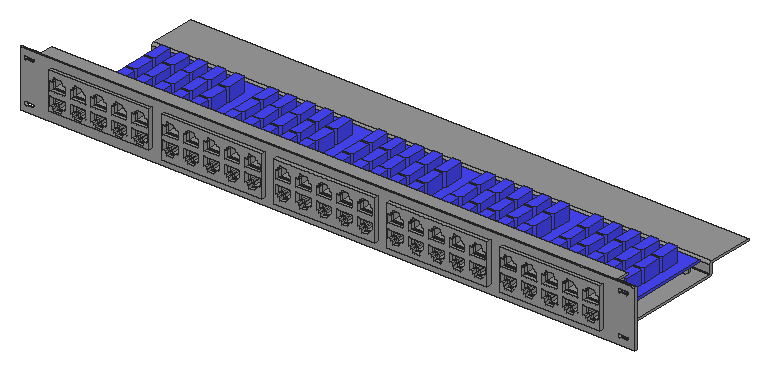
Revit family "ITK_Патч-панель телефонная GENERICA 19-дюймовое крепление_1U_категория 3_50 портов", category Обобщенные модели, Revit 2019
Family settings
  Может служить основой для арматурных стержней = Нет
  Размер круглого соединителя = Использовать диаметр
  Тип детали = Нормальный
  На основе рабочей плоскости = Нет
  Всегда вертикально = Да
  При загрузке вырезать с полостями = Нет
  Общий = Нет
  Точка расчета площади = Нет
Parameters (values of type "PP50-1UC03U-K05-G")
  Ширина = 482.6 mm
  Материал = Окраска - RAL 9005
  Изготовитель = "ITK"  # constant formula
  Дата изменения = ""
  Глубина = 141 mm
  Высота = 44.5 mm
  URL = "https://www.iek.ru/"
  KSI_CPr_Строительные изделия = "27.12.31.61.1.04.09-1090"  # constant formula
  KSI_CMa_Строительные материалы = "10.03.02.06"  # constant formula
  IEK_Цена за единицу = 4112.23
  IEK_Поиск в таблице имен = ""
  IEK_Описание = "Патч-панели для монтажа в 19\" шкаф или стойку соответствуют стандарту 19\" (482,6 мм), имеют отверстия с левой и правой стороны для крепления на профиль, производятся высотой 1 или 2 юнита.\r\nНа передней стороне все патч-панели ITK имеют специальную площадку для дополнительной маркировки и цифровую нумерацию портов, на обратной стороне модули IDC имеют цветовую и цифровую нумерацию. Патч-панели соответствуют международным стандартам. Поставляются в картонной коробке с крепежом."
  IEK_URL = "https://generica.su/catalog/?page=detail&article=PP50-1UC03U-K05-G"
  ADSK_Примечание = ""
  ADSK_Позиция [instance] = ""
  ADSK_Наименование = "IПатч-панель телеф. 1U кат. 3 RJ45 50 порт. (Krone) GENERICA"
  ADSK_Материал обозначение = ""
  ADSK_Материал наименование = "Металл и АБС-пластик"  # constant formula
  ADSK_Масса = 0
  ADSK_Марка = ""  # constant formula
  ADSK_Код изделия = "PP50-1UC03U-K05-G"
  ADSK_Завод-изготовитель = "IEK"  # constant formula
  ADSK_Единица измерения = "шт"  # constant formula
  ADSK_Группирование = "I. ЩИТЫ И ПУЛЬТЫ"  # constant formula
  ADSK_Версия семейства = "1.0"  # constant formula
  ADSK_Версия Revit = "2019"  # constant formula
  ADSK_URL страницы изделия = "https://generica.su/catalog/?page=section&id=4935"
Reference planes
  plane 1 "По центру (Вперед/Назад)": y = 0
  plane 2: z = 0
  plane 3 "По центру (Влево/Вправо)": x = 0
  plane 4: z = 44.5
  plane 5: y = 11.8
  plane 6: x = 232.5
  plane 7: z = 22.25
  plane 8: z = 38.15
  plane 9: z = 6.35
  plane 10: x = -233.8
  plane 11: x = -216.3
  plane 12: x = 216.3
  plane 13: z = 28.703
  plane 14: x = -241.3
  plane 15: x = 241.3
  plane 16: y = 139
Forms (mm)
  Extrusion 1, void
    sketch origin (0, 0, 0) x (1, 0, 0) y (0, 1, 0)
      loop
        line (-241.3, 11.8) -> (-241.3, 1.6) -> (-226.3, 1.6) -> (-226.3, 11.8) -> (-241.3, 11.8)
      loop
        line (241.3, 11.8) -> (226.3, 11.8) -> (226.3, 1.6) -> (241.3, 1.6) -> (241.3, 11.8)
    from 0 to 482.6
  Extrusion 2, solid, material "Окраска - RAL 9005" <- "Материал", detail levels fine
    sketch origin (-241.3, 0, 0) x (0, 1, 0) y (0, 0, 1)
      loop
        line (11.8, 44.5) -> (0.523, 44.5)
        arc (0.523, 44.5) -> (0.153, 44.347) -> (0, 43.977) r 0.523
        line (0, 43.977) -> (0, 0) -> (1.6, 0) -> (1.6, 42.358)
        arc (1.6, 42.358) -> (1.759, 42.741) -> (2.142, 42.9) r 0.542
        line (2.142, 42.9) -> (11.8, 42.9) -> (11.8, 44.5)
    from 0 to 482.6
  Extrusion 3, void
    sketch origin (0, 0, 0) x (1, 0, 0) y (0, 0, 1)
      loop
        line (235, 39.65) -> (230, 39.65)
        arc (230, 39.65) -> (228.5, 38.15) -> (230, 36.65) r 1.5
        line (230, 36.65) -> (235, 36.65)
        arc (235, 36.65) -> (236.5, 38.15) -> (235, 39.65) r 1.5
      loop
        arc (235, 4.85) -> (236.5, 6.35) -> (235, 7.85) r 1.5
        line (235, 7.85) -> (230, 7.85)
        arc (230, 7.85) -> (228.5, 6.35) -> (230, 4.85) r 1.5
        line (230, 4.85) -> (235, 4.85)
      loop
        arc (-236.3, 39.65) -> (-237.8, 38.15) -> (-236.3, 36.65) r 1.5
        line (-236.3, 36.65) -> (-231.3, 36.65)
        arc (-231.3, 36.65) -> (-229.8, 38.15) -> (-231.3, 39.65) r 1.5
        line (-231.3, 39.65) -> (-236.3, 39.65)
      loop
        line (-236.3, 4.85) -> (-231.3, 4.85)
        arc (-231.3, 4.85) -> (-229.8, 6.35) -> (-231.3, 7.85) r 1.5
        line (-231.3, 7.85) -> (-236.3, 7.85)
        arc (-236.3, 7.85) -> (-237.8, 6.35) -> (-236.3, 4.85) r 1.5
    from 0 to -2
  Extrusion 4, solid, material "Окраска - RAL 9005" <- "Материал", detail levels fine
    sketch origin (0, 0, 0) x (1, 0, 0) y (0, 0, 1)
      loop
        line (-216.3, 38.15) -> (-216.3, 9.8) -> (-137.7, 9.8) -> (-137.7, 38.15) -> (-216.3, 38.15)
      loop
        line (-127.7, 38.15) -> (-127.7, 6.35) -> (-49.1, 6.35) -> (-49.1, 38.15) -> (-127.7, 38.15)
      loop
        line (-39.3, 38.15) -> (-39.3, 6.35) -> (39.3, 6.35) -> (39.3, 38.15) -> (-39.3, 38.15)
      loop
        line (216.3, 38.15) -> (137.7, 38.15) -> (137.7, 6.35) -> (216.3, 6.35) -> (216.3, 38.15)
      loop
        line (127.7, 38.15) -> (49.1, 38.15) -> (49.1, 6.35) -> (127.7, 6.35) -> (127.7, 38.15)
    from 3.3 to -20
  Extrusion 5, void
    sketch origin (0, 0, -1.888) x (1, 0, 0) y (0, 0, 1)
      loop
        line (-215.254, 22.25) -> (-215.254, 15.522) -> (-213.238, 15.522) -> (-213.238, 13.941) -> (-211.993, 13.941) -> (-211.993, 12.066) -> (-206.457, 12.066) -> (-206.457, 13.941) -> (-205.213, 13.941) -> (-205.213, 15.522) -> (-203.196, 15.522) -> (-203.196, 22.25) -> (-215.254, 22.25)
      loop
        line (-199.142, 22.25) -> (-199.142, 15.522) -> (-197.125, 15.522) -> (-197.125, 13.941) -> (-195.881, 13.941) -> (-195.881, 12.066) -> (-190.345, 12.066) -> (-190.345, 13.941) -> (-189.1, 13.941) -> (-189.1, 15.522) -> (-187.083, 15.522) -> (-187.083, 22.25) -> (-199.142, 22.25)
      loop
        line (-183.029, 22.25) -> (-183.029, 15.522) -> (-181.012, 15.522) -> (-181.012, 13.941) -> (-179.768, 13.941) -> (-179.768, 12.066) -> (-174.232, 12.066) -> (-174.232, 13.941) -> (-172.988, 13.941) -> (-172.988, 15.522) -> (-170.971, 15.522) -> (-170.971, 22.25) -> (-183.029, 22.25)
      loop
        line (-166.917, 22.25) -> (-166.917, 15.522) -> (-164.9, 15.522) -> (-164.9, 13.941) -> (-163.655, 13.941) -> (-163.655, 12.066) -> (-158.119, 12.066) -> (-158.119, 13.941) -> (-156.875, 13.941) -> (-156.875, 15.522) -> (-154.858, 15.522) -> (-154.858, 22.25) -> (-166.917, 22.25)
      loop
        line (-150.804, 22.25) -> (-150.804, 15.522) -> (-148.787, 15.522) -> (-148.787, 13.941) -> (-147.543, 13.941) -> (-147.543, 12.066) -> (-142.007, 12.066) -> (-142.007, 13.941) -> (-140.762, 13.941) -> (-140.762, 15.522) -> (-138.746, 15.522) -> (-138.746, 22.25) -> (-150.804, 22.25)
      loop
        line (-126.654, 22.25) -> (-126.654, 15.522) -> (-124.638, 15.522) -> (-124.638, 13.941) -> (-123.393, 13.941) -> (-123.393, 12.066) -> (-117.857, 12.066) -> (-117.857, 13.941) -> (-116.613, 13.941) -> (-116.613, 15.522) -> (-114.596, 15.522) -> (-114.596, 22.25) -> (-126.654, 22.25)
      loop
        line (-110.542, 22.25) -> (-110.542, 15.522) -> (-108.525, 15.522) -> (-108.525, 13.941) -> (-107.281, 13.941) -> (-107.281, 12.066) -> (-101.745, 12.066) -> (-101.745, 13.941) -> (-100.5, 13.941) -> (-100.5, 15.522) -> (-98.483, 15.522) -> (-98.483, 22.25) -> (-110.542, 22.25)
      loop
        line (-94.429, 22.25) -> (-94.429, 15.522) -> (-92.412, 15.522) -> (-92.412, 13.941) -> (-91.168, 13.941) -> (-91.168, 12.066) -> (-85.632, 12.066) -> (-85.632, 13.941) -> (-84.388, 13.941) -> (-84.388, 15.522) -> (-82.371, 15.522) -> (-82.371, 22.25) -> (-94.429, 22.25)
      loop
        line (-78.317, 22.25) -> (-78.317, 15.522) -> (-76.3, 15.522) -> (-76.3, 13.941) -> (-75.055, 13.941) -> (-75.055, 12.066) -> (-69.519, 12.066) -> (-69.519, 13.941) -> (-68.275, 13.941) -> (-68.275, 15.522) -> (-66.258, 15.522) -> (-66.258, 22.25) -> (-78.317, 22.25)
      loop
        line (-62.204, 22.25) -> (-62.204, 15.522) -> (-60.187, 15.522) -> (-60.187, 13.941) -> (-58.943, 13.941) -> (-58.943, 12.066) -> (-53.407, 12.066) -> (-53.407, 13.941) -> (-52.162, 13.941) -> (-52.162, 15.522) -> (-50.146, 15.522) -> (-50.146, 22.25) -> (-62.204, 22.25)
      loop
        line (-38.254, 22.25) -> (-38.254, 15.522) -> (-36.238, 15.522) -> (-36.238, 13.941) -> (-34.993, 13.941) -> (-34.993, 12.066) -> (-29.457, 12.066) -> (-29.457, 13.941) -> (-28.213, 13.941) -> (-28.213, 15.522) -> (-26.196, 15.522) -> (-26.196, 22.25) -> (-38.254, 22.25)
      loop
        line (-22.142, 22.25) -> (-22.142, 15.522) -> (-20.125, 15.522) -> (-20.125, 13.941) -> (-18.881, 13.941) -> (-18.881, 12.066) -> (-13.345, 12.066) -> (-13.345, 13.941) -> (-12.1, 13.941) -> (-12.1, 15.522) -> (-10.083, 15.522) -> (-10.083, 22.25) -> (-22.142, 22.25)
      loop
        line (-6.029, 22.25) -> (-6.029, 15.522) -> (-4.012, 15.522) -> (-4.012, 13.941) -> (-2.768, 13.941) -> (-2.768, 12.066) -> (2.768, 12.066) -> (2.768, 13.941) -> (4.012, 13.941) -> (4.012, 15.522) -> (6.029, 15.522) -> (6.029, 22.25) -> (-6.029, 22.25)
      loop
        line (10.083, 22.25) -> (10.083, 15.522) -> (12.1, 15.522) -> (12.1, 13.941) -> (13.345, 13.941) -> (13.345, 12.066) -> (18.881, 12.066) -> (18.881, 13.941) -> (20.125, 13.941) -> (20.125, 15.522) -> (22.142, 15.522) -> (22.142, 22.25) -> (10.083, 22.25)
      loop
        line (26.196, 22.25) -> (26.196, 15.522) -> (28.213, 15.522) -> (28.213, 13.941) -> (29.457, 13.941) -> (29.457, 12.066) -> (34.993, 12.066) -> (34.993, 13.941) -> (36.238, 13.941) -> (36.238, 15.522) -> (38.254, 15.522) -> (38.254, 22.25) -> (26.196, 22.25)
      loop
        line (50.146, 22.25) -> (50.146, 15.522) -> (52.162, 15.522) -> (52.162, 13.941) -> (53.407, 13.941) -> (53.407, 12.066) -> (58.943, 12.066) -> (58.943, 13.941) -> (60.187, 13.941) -> (60.187, 15.522) -> (62.204, 15.522) -> (62.204, 22.25) -> (50.146, 22.25)
      loop
        line (66.258, 22.25) -> (66.258, 15.522) -> (68.275, 15.522) -> (68.275, 13.941) -> (69.519, 13.941) -> (69.519, 12.066) -> (75.055, 12.066) -> (75.055, 13.941) -> (76.3, 13.941) -> (76.3, 15.522) -> (78.317, 15.522) -> (78.317, 22.25) -> (66.258, 22.25)
      loop
        line (82.371, 22.25) -> (82.371, 15.522) -> (84.388, 15.522) -> (84.388, 13.941) -> (85.632, 13.941) -> (85.632, 12.066) -> (91.168, 12.066) -> (91.168, 13.941) -> (92.412, 13.941) -> (92.412, 15.522) -> (94.429, 15.522) -> (94.429, 22.25) -> (82.371, 22.25)
      loop
        line (98.483, 22.25) -> (98.483, 15.522) -> (100.5, 15.522) -> (100.5, 13.941) -> (101.745, 13.941) -> (101.745, 12.066) -> (107.281, 12.066) -> (107.281, 13.941) -> (108.525, 13.941) -> (108.525, 15.522) -> (110.542, 15.522) -> (110.542, 22.25) -> (98.483, 22.25)
      loop
        line (114.596, 22.25) -> (114.596, 15.522) -> (116.613, 15.522) -> (116.613, 13.941) -> (117.857, 13.941) -> (117.857, 12.066) -> (123.393, 12.066) -> (123.393, 13.941) -> (124.638, 13.941) -> (124.638, 15.522) -> (126.654, 15.522) -> (126.654, 22.25) -> (114.596, 22.25)
      loop
        line (138.746, 22.25) -> (138.746, 15.522) -> (140.762, 15.522) -> (140.762, 13.941) -> (142.007, 13.941) -> (142.007, 12.066) -> (147.543, 12.066) -> (147.543, 13.941) -> (148.787, 13.941) -> (148.787, 15.522) -> (150.804, 15.522) -> (150.804, 22.25) -> (138.746, 22.25)
      loop
        line (154.858, 22.25) -> (154.858, 15.522) -> (156.875, 15.522) -> (156.875, 13.941) -> (158.119, 13.941) -> (158.119, 12.066) -> (163.655, 12.066) -> (163.655, 13.941) -> (164.9, 13.941) -> (164.9, 15.522) -> (166.917, 15.522) -> (166.917, 22.25) -> (154.858, 22.25)
      loop
        line (170.971, 22.25) -> (170.971, 15.522) -> (172.988, 15.522) -> (172.988, 13.941) -> (174.232, 13.941) -> (174.232, 12.066) -> (179.768, 12.066) -> (179.768, 13.941) -> (181.012, 13.941) -> (181.012, 15.522) -> (183.029, 15.522) -> (183.029, 22.25) -> (170.971, 22.25)
      loop
        line (187.083, 22.25) -> (187.083, 15.522) -> (189.1, 15.522) -> (189.1, 13.941) -> (190.345, 13.941) -> (190.345, 12.066) -> (195.881, 12.066) -> (195.881, 13.941) -> (197.125, 13.941) -> (197.125, 15.522) -> (199.142, 15.522) -> (199.142, 22.25) -> (187.083, 22.25)
      loop
        line (203.196, 22.25) -> (203.196, 15.522) -> (205.213, 15.522) -> (205.213, 13.941) -> (206.457, 13.941) -> (206.457, 12.066) -> (211.993, 12.066) -> (211.993, 13.941) -> (213.238, 13.941) -> (213.238, 15.522) -> (215.254, 15.522) -> (215.254, 22.25) -> (203.196, 22.25)
      loop
        line (-215.254, 26.026) -> (-203.196, 26.026) -> (-203.196, 32.754) -> (-205.213, 32.754) -> (-205.213, 34.335) -> (-206.457, 34.335) -> (-206.457, 36.21) -> (-211.993, 36.21) -> (-211.993, 34.335) -> (-213.238, 34.335) -> (-213.238, 32.754) -> (-215.254, 32.754) -> (-215.254, 26.026)
      loop
        line (-199.142, 26.026) -> (-187.083, 26.026) -> (-187.083, 32.754) -> (-189.1, 32.754) -> (-189.1, 34.335) -> (-190.345, 34.335) -> (-190.345, 36.21) -> (-195.881, 36.21) -> (-195.881, 34.335) -> (-197.125, 34.335) -> (-197.125, 32.754) -> (-199.142, 32.754) -> (-199.142, 26.026)
      loop
        line (-183.029, 26.026) -> (-170.971, 26.026) -> (-170.971, 32.754) -> (-172.988, 32.754) -> (-172.988, 34.335) -> (-174.232, 34.335) -> (-174.232, 36.21) -> (-179.768, 36.21) -> (-179.768, 34.335) -> (-181.012, 34.335) -> (-181.012, 32.754) -> (-183.029, 32.754) -> (-183.029, 26.026)
      loop
        line (-166.917, 26.026) -> (-154.858, 26.026) -> (-154.858, 32.754) -> (-156.875, 32.754) -> (-156.875, 34.335) -> (-158.119, 34.335) -> (-158.119, 36.21) -> (-163.655, 36.21) -> (-163.655, 34.335) -> (-164.9, 34.335) -> (-164.9, 32.754) -> (-166.917, 32.754) -> (-166.917, 26.026)
      loop
        line (-150.804, 26.026) -> (-138.746, 26.026) -> (-138.746, 32.754) -> (-140.762, 32.754) -> (-140.762, 34.335) -> (-142.007, 34.335) -> (-142.007, 36.21) -> (-147.543, 36.21) -> (-147.543, 34.335) -> (-148.787, 34.335) -> (-148.787, 32.754) -> (-150.804, 32.754) -> (-150.804, 26.026)
      loop
        line (-126.654, 26.026) -> (-114.596, 26.026) -> (-114.596, 32.754) -> (-116.613, 32.754) -> (-116.613, 34.335) -> (-117.857, 34.335) -> (-117.857, 36.21) -> (-123.393, 36.21) -> (-123.393, 34.335) -> (-124.638, 34.335) -> (-124.638, 32.754) -> (-126.654, 32.754) -> (-126.654, 26.026)
      loop
        line (-110.542, 26.026) -> (-98.483, 26.026) -> (-98.483, 32.754) -> (-100.5, 32.754) -> (-100.5, 34.335) -> (-101.745, 34.335) -> (-101.745, 36.21) -> (-107.281, 36.21) -> (-107.281, 34.335) -> (-108.525, 34.335) -> (-108.525, 32.754) -> (-110.542, 32.754) -> (-110.542, 26.026)
      loop
        line (-94.429, 26.026) -> (-82.371, 26.026) -> (-82.371, 32.754) -> (-84.388, 32.754) -> (-84.388, 34.335) -> (-85.632, 34.335) -> (-85.632, 36.21) -> (-91.168, 36.21) -> (-91.168, 34.335) -> (-92.412, 34.335) -> (-92.412, 32.754) -> (-94.429, 32.754) -> (-94.429, 26.026)
      loop
        line (-78.317, 26.026) -> (-66.258, 26.026) -> (-66.258, 32.754) -> (-68.275, 32.754) -> (-68.275, 34.335) -> (-69.519, 34.335) -> (-69.519, 36.21) -> (-75.055, 36.21) -> (-75.055, 34.335) -> (-76.3, 34.335) -> (-76.3, 32.754) -> (-78.317, 32.754) -> (-78.317, 26.026)
      loop
        line (-62.204, 26.026) -> (-50.146, 26.026) -> (-50.146, 32.754) -> (-52.162, 32.754) -> (-52.162, 34.335) -> (-53.407, 34.335) -> (-53.407, 36.21) -> (-58.943, 36.21) -> (-58.943, 34.335) -> (-60.187, 34.335) -> (-60.187, 32.754) -> (-62.204, 32.754) -> (-62.204, 26.026)
      loop
        line (-38.254, 26.026) -> (-26.196, 26.026) -> (-26.196, 32.754) -> (-28.213, 32.754) -> (-28.213, 34.335) -> (-29.457, 34.335) -> (-29.457, 36.21) -> (-34.993, 36.21) -> (-34.993, 34.335) -> (-36.238, 34.335) -> (-36.238, 32.754) -> (-38.254, 32.754) -> (-38.254, 26.026)
      loop
        line (-22.142, 26.026) -> (-10.083, 26.026) -> (-10.083, 32.754) -> (-12.1, 32.754) -> (-12.1, 34.335) -> (-13.345, 34.335) -> (-13.345, 36.21) -> (-18.881, 36.21) -> (-18.881, 34.335) -> (-20.125, 34.335) -> (-20.125, 32.754) -> (-22.142, 32.754) -> (-22.142, 26.026)
      loop
        line (-6.029, 26.026) -> (6.029, 26.026) -> (6.029, 32.754) -> (4.012, 32.754) -> (4.012, 34.335) -> (2.768, 34.335) -> (2.768, 36.21) -> (-2.768, 36.21) -> (-2.768, 34.335) -> (-4.012, 34.335) -> (-4.012, 32.754) -> (-6.029, 32.754) -> (-6.029, 26.026)
      loop
        line (10.083, 26.026) -> (22.142, 26.026) -> (22.142, 32.754) -> (20.125, 32.754) -> (20.125, 34.335) -> (18.881, 34.335) -> (18.881, 36.21) -> (13.345, 36.21) -> (13.345, 34.335) -> (12.1, 34.335) -> (12.1, 32.754) -> (10.083, 32.754) -> (10.083, 26.026)
      loop
        line (26.196, 26.026) -> (38.254, 26.026) -> (38.254, 32.754) -> (36.238, 32.754) -> (36.238, 34.335) -> (34.993, 34.335) -> (34.993, 36.21) -> (29.457, 36.21) -> (29.457, 34.335) -> (28.213, 34.335) -> (28.213, 32.754) -> (26.196, 32.754) -> (26.196, 26.026)
      loop
        line (50.146, 26.026) -> (62.204, 26.026) -> (62.204, 32.754) -> (60.187, 32.754) -> (60.187, 34.335) -> (58.943, 34.335) -> (58.943, 36.21) -> (53.407, 36.21) -> (53.407, 34.335) -> (52.162, 34.335) -> (52.162, 32.754) -> (50.146, 32.754) -> (50.146, 26.026)
      loop
        line (66.258, 26.026) -> (78.317, 26.026) -> (78.317, 32.754) -> (76.3, 32.754) -> (76.3, 34.335) -> (75.055, 34.335) -> (75.055, 36.21) -> (69.519, 36.21) -> (69.519, 34.335) -> (68.275, 34.335) -> (68.275, 32.754) -> (66.258, 32.754) -> (66.258, 26.026)
      loop
        line (82.371, 26.026) -> (94.429, 26.026) -> (94.429, 32.754) -> (92.412, 32.754) -> (92.412, 34.335) -> (91.168, 34.335) -> (91.168, 36.21) -> (85.632, 36.21) -> (85.632, 34.335) -> (84.388, 34.335) -> (84.388, 32.754) -> (82.371, 32.754) -> (82.371, 26.026)
      loop
        line (98.483, 26.026) -> (110.542, 26.026) -> (110.542, 32.754) -> (108.525, 32.754) -> (108.525, 34.335) -> (107.281, 34.335) -> (107.281, 36.21) -> (101.745, 36.21) -> (101.745, 34.335) -> (100.5, 34.335) -> (100.5, 32.754) -> (98.483, 32.754) -> (98.483, 26.026)
      loop
        line (114.596, 26.026) -> (126.654, 26.026) -> (126.654, 32.754) -> (124.638, 32.754) -> (124.638, 34.335) -> (123.393, 34.335) -> (123.393, 36.21) -> (117.857, 36.21) -> (117.857, 34.335) -> (116.613, 34.335) -> (116.613, 32.754) -> (114.596, 32.754) -> (114.596, 26.026)
      loop
        line (138.746, 26.026) -> (150.804, 26.026) -> (150.804, 32.754) -> (148.787, 32.754) -> (148.787, 34.335) -> (147.543, 34.335) -> (147.543, 36.21) -> (142.007, 36.21) -> (142.007, 34.335) -> (140.762, 34.335) -> (140.762, 32.754) -> (138.746, 32.754) -> (138.746, 26.026)
      loop
        line (154.858, 26.026) -> (166.917, 26.026) -> (166.917, 32.754) -> (164.9, 32.754) -> (164.9, 34.335) -> (163.655, 34.335) -> (163.655, 36.21) -> (158.119, 36.21) -> (158.119, 34.335) -> (156.875, 34.335) -> (156.875, 32.754) -> (154.858, 32.754) -> (154.858, 26.026)
      loop
        line (170.971, 26.026) -> (183.029, 26.026) -> (183.029, 32.754) -> (181.012, 32.754) -> (181.012, 34.335) -> (179.768, 34.335) -> (179.768, 36.21) -> (174.232, 36.21) -> (174.232, 34.335) -> (172.988, 34.335) -> (172.988, 32.754) -> (170.971, 32.754) -> (170.971, 26.026)
      loop
        line (187.083, 26.026) -> (199.142, 26.026) -> (199.142, 32.754) -> (197.125, 32.754) -> (197.125, 34.335) -> (195.881, 34.335) -> (195.881, 36.21) -> (190.345, 36.21) -> (190.345, 34.335) -> (189.1, 34.335) -> (189.1, 32.754) -> (187.083, 32.754) -> (187.083, 26.026)
      loop
        line (203.196, 26.026) -> (215.254, 26.026) -> (215.254, 32.754) -> (213.238, 32.754) -> (213.238, 34.335) -> (211.993, 34.335) -> (211.993, 36.21) -> (206.457, 36.21) -> (206.457, 34.335) -> (205.213, 34.335) -> (205.213, 32.754) -> (203.196, 32.754) -> (203.196, 26.026)
    from 3.3 to -15
  Extrusion 6, solid, material "Условный материал-отделка", detail levels coarse+medium
    sketch origin (0, 0, 0) x (1, 0, 0) y (0, 0, 1)
      loop
        line (-241.3, 44.5) -> (-241.3, 0) -> (241.3, 0) -> (241.3, 44.5) -> (-241.3, 44.5)
    from -139 to 0
  Extrusion 7, solid, material "Окраска - RAL 9005" <- "Материал", detail levels fine
    sketch origin (0, 0, 0) x (0, 1, 0) y (0, 0, 1)
      loop
        line (139, 8.5) -> (139, 10) -> (103.5, 10)
        arc (103.5, 10) -> (102.086, 9.414) -> (101.5, 8) r 2
        line (101.5, 8) -> (101.5, 2)
        arc (101.5, 2) -> (101.354, 1.646) -> (101, 1.5) r 0.5
        line (101, 1.5) -> (1.6, 1.5) -> (1.6, 0) -> (101, 0)
        arc (101, 0) -> (102.414, 0.586) -> (103, 2) r 2
        line (103, 2) -> (103, 8)
        arc (103, 8) -> (103.146, 8.354) -> (103.5, 8.5) r 0.5
        line (103.5, 8.5) -> (139, 8.5)
    from 219 to -219
  Extrusion 8, solid, material "Пластик зеленый", detail levels fine
    sketch origin (0, 0, 0) x (0, 1, 0) y (0, 0, 1)
      loop
        line (100, 8.3) -> (100, 9.8) -> (1.6, 9.8) -> (1.6, 8.3) -> (100, 8.3)
    from 212 to -212
  Extrusion 9, solid, material "Окраска - RAL 9005" <- "Материал", detail levels fine
    sketch origin (0, 0, 0) x (1, 0, 0) y (0, 1, 0)
      loop
        circle (-204.88, 95.013) r 2.709
      loop
        circle (-209.225, 15) r 2.709
      loop
        circle (-130.774, 15) r 2.709
      loop
        circle (-134.88, 95.013) r 2.709
      loop
        circle (-119.88, 95.013) r 2.709
      loop
        circle (-124.225, 15) r 2.709
      loop
        circle (-45.774, 15) r 2.709
      loop
        circle (-49.88, 95.013) r 2.709
      loop
        circle (-34.88, 95.013) r 2.709
      loop
        circle (-39.225, 15) r 2.709
      loop
        circle (39.226, 15) r 2.709
      loop
        circle (35.12, 95.013) r 2.709
      loop
        circle (50.12, 95.013) r 2.709
      loop
        circle (45.775, 15) r 2.709
      loop
        circle (124.226, 15) r 2.709
      loop
        circle (120.12, 95.013) r 2.709
      loop
        circle (135.12, 95.013) r 2.709
      loop
        circle (130.775, 15) r 2.709
      loop
        circle (209.226, 15) r 2.709
      loop
        circle (205.12, 95.013) r 2.709
    from 8.3 to 1.5
  Extrusion 10, solid, material "Пластик белый", detail levels fine
    sketch origin (0, 0, 0) x (1, 0, 0) y (0, 1, 0)
      loop
        line (-202, 73) -> (-196, 73) -> (-194.4, 74.6) -> (-194.4, 88.4) -> (-196, 90) -> (-202, 90) -> (-202, 73)
      loop
        line (-202, 55) -> (-196, 55) -> (-194.4, 56.6) -> (-194.4, 70.4) -> (-196, 72) -> (-202, 72) -> (-202, 55)
      loop
        line (-202, 37) -> (-196, 37) -> (-194.4, 38.6) -> (-194.4, 52.4) -> (-196, 54) -> (-202, 54) -> (-202, 37)
      loop
        line (-187.5, 73) -> (-181.5, 73) -> (-179.9, 74.6) -> (-179.9, 88.4) -> (-181.5, 90) -> (-187.5, 90) -> (-187.5, 73)
      loop
        line (-187.5, 55) -> (-181.5, 55) -> (-179.9, 56.6) -> (-179.9, 70.4) -> (-181.5, 72) -> (-187.5, 72) -> (-187.5, 55)
      loop
        line (-187.5, 37) -> (-181.5, 37) -> (-179.9, 38.6) -> (-179.9, 52.4) -> (-181.5, 54) -> (-187.5, 54) -> (-187.5, 37)
      loop
        line (-173, 73) -> (-167, 73) -> (-165.4, 74.6) -> (-165.4, 88.4) -> (-167, 90) -> (-173, 90) -> (-173, 73)
      loop
        line (-173, 55) -> (-167, 55) -> (-165.4, 56.6) -> (-165.4, 70.4) -> (-167, 72) -> (-173, 72) -> (-173, 55)
      loop
        line (-173, 37) -> (-167, 37) -> (-165.4, 38.6) -> (-165.4, 52.4) -> (-167, 54) -> (-173, 54) -> (-173, 37)
      loop
        line (-158.5, 73) -> (-152.5, 73) -> (-150.9, 74.6) -> (-150.9, 88.4) -> (-152.5, 90) -> (-158.5, 90) -> (-158.5, 73)
      loop
        line (-158.5, 55) -> (-152.5, 55) -> (-150.9, 56.6) -> (-150.9, 70.4) -> (-152.5, 72) -> (-158.5, 72) -> (-158.5, 55)
      loop
        line (-158.5, 37) -> (-152.5, 37) -> (-150.9, 38.6) -> (-150.9, 52.4) -> (-152.5, 54) -> (-158.5, 54) -> (-158.5, 37)
      loop
        line (-117.5, 73) -> (-111.5, 73) -> (-109.9, 74.6) -> (-109.9, 88.4) -> (-111.5, 90) -> (-117.5, 90) -> (-117.5, 73)
      loop
        line (-117.5, 55) -> (-111.5, 55) -> (-109.9, 56.6) -> (-109.9, 70.4) -> (-111.5, 72) -> (-117.5, 72) -> (-117.5, 55)
      loop
        line (-117.5, 37) -> (-111.5, 37) -> (-109.9, 38.6) -> (-109.9, 52.4) -> (-111.5, 54) -> (-117.5, 54) -> (-117.5, 37)
      loop
        line (-103, 73) -> (-97, 73) -> (-95.4, 74.6) -> (-95.4, 88.4) -> (-97, 90) -> (-103, 90) -> (-103, 73)
      loop
        line (-103, 55) -> (-97, 55) -> (-95.4, 56.6) -> (-95.4, 70.4) -> (-97, 72) -> (-103, 72) -> (-103, 55)
      loop
        line (-103, 37) -> (-97, 37) -> (-95.4, 38.6) -> (-95.4, 52.4) -> (-97, 54) -> (-103, 54) -> (-103, 37)
      loop
        line (-88.5, 73) -> (-82.5, 73) -> (-80.9, 74.6) -> (-80.9, 88.4) -> (-82.5, 90) -> (-88.5, 90) -> (-88.5, 73)
      loop
        line (-88.5, 55) -> (-82.5, 55) -> (-80.9, 56.6) -> (-80.9, 70.4) -> (-82.5, 72) -> (-88.5, 72) -> (-88.5, 55)
      loop
        line (-88.5, 37) -> (-82.5, 37) -> (-80.9, 38.6) -> (-80.9, 52.4) -> (-82.5, 54) -> (-88.5, 54) -> (-88.5, 37)
      loop
        line (-74, 73) -> (-68, 73) -> (-66.4, 74.6) -> (-66.4, 88.4) -> (-68, 90) -> (-74, 90) -> (-74, 73)
      loop
        line (-74, 55) -> (-68, 55) -> (-66.4, 56.6) -> (-66.4, 70.4) -> (-68, 72) -> (-74, 72) -> (-74, 55)
      loop
        line (-74, 37) -> (-68, 37) -> (-66.4, 38.6) -> (-66.4, 52.4) -> (-68, 54) -> (-74, 54) -> (-74, 37)
      loop
        line (-32, 73) -> (-26, 73) -> (-24.4, 74.6) -> (-24.4, 88.4) -> (-26, 90) -> (-32, 90) -> (-32, 73)
      loop
        line (-32, 55) -> (-26, 55) -> (-24.4, 56.6) -> (-24.4, 70.4) -> (-26, 72) -> (-32, 72) -> (-32, 55)
      loop
        line (-32, 37) -> (-26, 37) -> (-24.4, 38.6) -> (-24.4, 52.4) -> (-26, 54) -> (-32, 54) -> (-32, 37)
      loop
        line (-17.5, 73) -> (-11.5, 73) -> (-9.9, 74.6) -> (-9.9, 88.4) -> (-11.5, 90) -> (-17.5, 90) -> (-17.5, 73)
      loop
        line (-17.5, 55) -> (-11.5, 55) -> (-9.9, 56.6) -> (-9.9, 70.4) -> (-11.5, 72) -> (-17.5, 72) -> (-17.5, 55)
      loop
        line (-17.5, 37) -> (-11.5, 37) -> (-9.9, 38.6) -> (-9.9, 52.4) -> (-11.5, 54) -> (-17.5, 54) -> (-17.5, 37)
      loop
        line (-3, 73) -> (3, 73) -> (4.6, 74.6) -> (4.6, 88.4) -> (3, 90) -> (-3, 90) -> (-3, 73)
      loop
        line (-3, 55) -> (3, 55) -> (4.6, 56.6) -> (4.6, 70.4) -> (3, 72) -> (-3, 72) -> (-3, 55)
      loop
        line (-3, 37) -> (3, 37) -> (4.6, 38.6) -> (4.6, 52.4) -> (3, 54) -> (-3, 54) -> (-3, 37)
      loop
        line (11.5, 73) -> (17.5, 73) -> (19.1, 74.6) -> (19.1, 88.4) -> (17.5, 90) -> (11.5, 90) -> (11.5, 73)
      loop
        line (11.5, 55) -> (17.5, 55) -> (19.1, 56.6) -> (19.1, 70.4) -> (17.5, 72) -> (11.5, 72) -> (11.5, 55)
      loop
        line (11.5, 37) -> (17.5, 37) -> (19.1, 38.6) -> (19.1, 52.4) -> (17.5, 54) -> (11.5, 54) -> (11.5, 37)
      loop
        line (53, 73) -> (59, 73) -> (60.6, 74.6) -> (60.6, 88.4) -> (59, 90) -> (53, 90) -> (53, 73)
      loop
        line (53, 55) -> (59, 55) -> (60.6, 56.6) -> (60.6, 70.4) -> (59, 72) -> (53, 72) -> (53, 55)
      loop
        line (53, 37) -> (59, 37) -> (60.6, 38.6) -> (60.6, 52.4) -> (59, 54) -> (53, 54) -> (53, 37)
      loop
        line (67.5, 73) -> (73.5, 73) -> (75.1, 74.6) -> (75.1, 88.4) -> (73.5, 90) -> (67.5, 90) -> (67.5, 73)
      loop
        line (67.5, 55) -> (73.5, 55) -> (75.1, 56.6) -> (75.1, 70.4) -> (73.5, 72) -> (67.5, 72) -> (67.5, 55)
      loop
        line (67.5, 37) -> (73.5, 37) -> (75.1, 38.6) -> (75.1, 52.4) -> (73.5, 54) -> (67.5, 54) -> (67.5, 37)
      loop
        line (82, 73) -> (88, 73) -> (89.6, 74.6) -> (89.6, 88.4) -> (88, 90) -> (82, 90) -> (82, 73)
      loop
        line (82, 55) -> (88, 55) -> (89.6, 56.6) -> (89.6, 70.4) -> (88, 72) -> (82, 72) -> (82, 55)
      loop
        line (82, 37) -> (88, 37) -> (89.6, 38.6) -> (89.6, 52.4) -> (88, 54) -> (82, 54) -> (82, 37)
      loop
        line (96.5, 73) -> (102.5, 73) -> (104.1, 74.6) -> (104.1, 88.4) -> (102.5, 90) -> (96.5, 90) -> (96.5, 73)
      loop
        line (96.5, 55) -> (102.5, 55) -> (104.1, 56.6) -> (104.1, 70.4) -> (102.5, 72) -> (96.5, 72) -> (96.5, 55)
      loop
        line (96.5, 37) -> (102.5, 37) -> (104.1, 38.6) -> (104.1, 52.4) -> (102.5, 54) -> (96.5, 54) -> (96.5, 37)
      loop
        line (138, 73) -> (144, 73) -> (145.6, 74.6) -> (145.6, 88.4) -> (144, 90) -> (138, 90) -> (138, 73)
      loop
        line (138, 55) -> (144, 55) -> (145.6, 56.6) -> (145.6, 70.4) -> (144, 72) -> (138, 72) -> (138, 55)
      loop
        line (138, 37) -> (144, 37) -> (145.6, 38.6) -> (145.6, 52.4) -> (144, 54) -> (138, 54) -> (138, 37)
      loop
        line (152.5, 73) -> (158.5, 73) -> (160.1, 74.6) -> (160.1, 88.4) -> (158.5, 90) -> (152.5, 90) -> (152.5, 73)
      loop
        line (152.5, 55) -> (158.5, 55) -> (160.1, 56.6) -> (160.1, 70.4) -> (158.5, 72) -> (152.5, 72) -> (152.5, 55)
      loop
        line (152.5, 37) -> (158.5, 37) -> (160.1, 38.6) -> (160.1, 52.4) -> (158.5, 54) -> (152.5, 54) -> (152.5, 37)
      loop
        line (167, 73) -> (173, 73) -> (174.6, 74.6) -> (174.6, 88.4) -> (173, 90) -> (167, 90) -> (167, 73)
      loop
        line (167, 55) -> (173, 55) -> (174.6, 56.6) -> (174.6, 70.4) -> (173, 72) -> (167, 72) -> (167, 55)
      loop
        line (167, 37) -> (173, 37) -> (174.6, 38.6) -> (174.6, 52.4) -> (173, 54) -> (167, 54) -> (167, 37)
      loop
        line (181.5, 73) -> (187.5, 73) -> (189.1, 74.6) -> (189.1, 88.4) -> (187.5, 90) -> (181.5, 90) -> (181.5, 73)
      loop
        line (181.5, 55) -> (187.5, 55) -> (189.1, 56.6) -> (189.1, 70.4) -> (187.5, 72) -> (181.5, 72) -> (181.5, 55)
      loop
        line (181.5, 37) -> (187.5, 37) -> (189.1, 38.6) -> (189.1, 52.4) -> (187.5, 54) -> (181.5, 54) -> (181.5, 37)
      loop
        line (196, 73) -> (202, 73) -> (203.6, 74.6) -> (203.6, 88.4) -> (202, 90) -> (196, 90) -> (196, 73)
      loop
        line (196, 55) -> (202, 55) -> (203.6, 56.6) -> (203.6, 70.4) -> (202, 72) -> (196, 72) -> (196, 55)
      loop
        line (196, 37) -> (202, 37) -> (203.6, 38.6) -> (203.6, 52.4) -> (202, 54) -> (196, 54) -> (196, 37)
      loop
        line (-144, 73) -> (-138, 73) -> (-136.4, 74.6) -> (-136.4, 88.4) -> (-138, 90) -> (-144, 90) -> (-144, 73)
      loop
        line (-144, 55) -> (-138, 55) -> (-136.4, 56.6) -> (-136.4, 70.4) -> (-138, 72) -> (-144, 72) -> (-144, 55)
      loop
        line (-144, 37) -> (-138, 37) -> (-136.4, 38.6) -> (-136.4, 52.4) -> (-138, 54) -> (-144, 54) -> (-144, 37)
      loop
        line (-59.5, 73) -> (-53.5, 73) -> (-51.9, 74.6) -> (-51.9, 88.4) -> (-53.5, 90) -> (-59.5, 90) -> (-59.5, 73)
      loop
        line (-59.5, 55) -> (-53.5, 55) -> (-51.9, 56.6) -> (-51.9, 70.4) -> (-53.5, 72) -> (-59.5, 72) -> (-59.5, 55)
      loop
        line (-59.5, 37) -> (-53.5, 37) -> (-51.9, 38.6) -> (-51.9, 52.4) -> (-53.5, 54) -> (-59.5, 54) -> (-59.5, 37)
      loop
        line (26, 73) -> (32, 73) -> (33.6, 74.6) -> (33.6, 88.4) -> (32, 90) -> (26, 90) -> (26, 73)
      loop
        line (26, 55) -> (32, 55) -> (33.6, 56.6) -> (33.6, 70.4) -> (32, 72) -> (26, 72) -> (26, 55)
      loop
        line (26, 37) -> (32, 37) -> (33.6, 38.6) -> (33.6, 52.4) -> (32, 54) -> (26, 54) -> (26, 37)
      loop
        line (111, 73) -> (117, 73) -> (118.6, 74.6) -> (118.6, 88.4) -> (117, 90) -> (111, 90) -> (111, 73)
      loop
        line (111, 55) -> (117, 55) -> (118.6, 56.6) -> (118.6, 70.4) -> (117, 72) -> (111, 72) -> (111, 55)
      loop
        line (111, 37) -> (117, 37) -> (118.6, 38.6) -> (118.6, 52.4) -> (117, 54) -> (111, 54) -> (111, 37)
    from 20.279 to 9.8
Cuts and joins
  Extrusion 1, Extrusion 3, Extrusion 5 cuts Extrusion 2
  Extrusion 5 cuts Extrusion 4
Dimensions and locks
  plane 4 to level = 44.5 mm
  plane 5 to plane 1 "По центру (Вперед/Назад)" = 11.8 mm
  equal spacing: plane 11, plane 3 "По центру (Влево/Вправо)", plane 12
  plane 11 to plane 12 = 432.6 mm
  equal spacing: plane 14, plane 3 "По центру (Влево/Вправо)", plane 15
  "Ширина": plane 14 to plane 15
  "Высота": plane 4 to level
  plane 1 "По центру (Вперед/Назад)" to plane 16 = 139 mm
  aligned and locked: level to plane 2
  aligned and locked: plane 14 to Extrusion 6
  aligned and locked: Extrusion 10 to Extrusion 8
  aligned and locked: Extrusion 6 to Extrusion 7
Automatic sketch dimensions
  plane 5 to Extrusion 1 sketch curve = 0 mm  (x2)
  Extrusion 1 sketch curve to plane 1 "По центру (Вперед/Назад)" = 1.6 mm  (x2)
  Extrusion 1 sketch curve to plane 10 = 7.5 mm
  plane 10 to Extrusion 1 sketch curve = 7.5 mm
  Extrusion 1 sketch curve to plane 6 = 6.2 mm
  plane 6 to Extrusion 1 sketch curve = 8.8 mm
  Extrusion 3 sketch curve to plane 9 = 0 mm  (x2)
  Extrusion 3 sketch curve to plane 8 = 0 mm  (x2)
  Extrusion 3 sketch curve to plane 10 = 2.5 mm  (x2)
  plane 10 to Extrusion 3 sketch curve = 2.5 mm  (x2)
  Extrusion 3 sketch curve to plane 6 = 2.5 mm  (x2)
  plane 6 to Extrusion 3 sketch curve = 2.5 mm  (x2)
  Extrusion 3 sketch curve to Extrusion 3 sketch curve = 1.5 mm  (x2)
  Extrusion 3 sketch curve to plane 8 = 1.5 mm  (x2)
  Extrusion 4 sketch curve to plane 11 = 0 mm
  plane 12 to Extrusion 4 sketch curve = 0 mm
  plane 9 to Extrusion 4 sketch curve = 3.45 mm
  plane 11 to Extrusion 4 sketch curve = 78.6 mm
  Extrusion 4 sketch curve to plane 8 = 0 mm  (x5)
  Extrusion 4 sketch curve to Extrusion 4 sketch curve = 10 mm  (x2)
  Extrusion 4 sketch curve to plane 3 "По центру (Влево/Вправо)" = 49.1 mm
  Extrusion 4 sketch curve to Extrusion 4 sketch curve = 9.8 mm  (x2)
  plane 3 "По центру (Влево/Вправо)" to Extrusion 4 sketch curve = 39.3 mm
  plane 9 to Extrusion 4 sketch curve = 0 mm  (x4)
  Extrusion 4 sketch curve to Extrusion 4 sketch curve = 78.6 mm
  Extrusion 6 sketch curve to level = 0 mm
  Extrusion 6 sketch curve to plane 4 = 0 mm
  Extrusion 6 sketch curve to plane 10 = 7.5 mm
  plane 6 to Extrusion 6 sketch curve = 8.8 mm
  Extrusion 2 sketch curve to level = 0 mm
  Extrusion 2 sketch curve to plane 1 "По центру (Вперед/Назад)" = 0 mm
  Extrusion 2 sketch curve to plane 4 = 0 mm
  Extrusion 2 sketch curve to plane 5 = 0 mm
  Extrusion 2 sketch curve to plane 1 "По центру (Вперед/Назад)" = 0.523 mm
  Extrusion 2 sketch curve to plane 1 "По центру (Вперед/Назад)" = 1.6 mm
  Extrusion 2 sketch curve to Extrusion 2 sketch curve = 0.542 mm
  Extrusion 2 sketch curve to plane 4 = 2.142 mm
  Extrusion 7 sketch curve to Extrusion 7 sketch curve = 0 mm  (x4)
  Extrusion 7 sketch curve to level = 0 mm
  level to Extrusion 7 sketch curve = 1.5 mm
  Extrusion 7 sketch curve to plane 5 = 89.2 mm
  Extrusion 7 sketch curve to Extrusion 7 sketch curve = 0.5 mm  (x2)
  plane 9 to Extrusion 7 sketch curve = 2.15 mm
  Extrusion 7 sketch curve to Extrusion 7 sketch curve = 35.5 mm
  Extrusion 7 sketch curve to plane 1 "По центру (Вперед/Назад)" = 1.6 mm
  Extrusion 8 sketch curve to plane 1 "По центру (Вперед/Назад)" = 1.6 mm
  plane 9 to Extrusion 8 sketch curve = 3.45 mm
  Extrusion 8 sketch curve to plane 5 = 88.2 mm
  Extrusion 8 sketch curve to Extrusion 8 sketch curve = 1.5 mm
  Extrusion 9 sketch curve to plane 5 = 3.2 mm  (x10)
  plane 11 to Extrusion 9 sketch curve = 7.075 mm
  plane 11 to Extrusion 9 sketch curve = 11.42 mm
  Extrusion 9 sketch curve to Extrusion 9 sketch curve = 70 mm  (x2)
  Extrusion 9 sketch curve to Extrusion 9 sketch curve = 78.451 mm  (x2)
  Extrusion 9 sketch curve to Extrusion 9 sketch curve = 6.549 mm  (x4)
  Extrusion 9 sketch curve to Extrusion 9 sketch curve = 15 mm  (x4)
  Extrusion 9 sketch curve to plane 3 "По центру (Влево/Вправо)" = 49.88 mm
  Extrusion 9 sketch curve to plane 3 "По центру (Влево/Вправо)" = 45.774 mm
  plane 3 "По центру (Влево/Вправо)" to Extrusion 9 sketch curve = 35.12 mm
  plane 3 "По центру (Влево/Вправо)" to Extrusion 9 sketch curve = 39.226 mm
  plane 12 to Extrusion 9 sketch curve = 11.18 mm
  plane 12 to Extrusion 9 sketch curve = 7.074 mm
  Extrusion 9 sketch curve to Extrusion 9 sketch curve = 80.013 mm  (x3)
  Extrusion 9 sketch curve to Extrusion 9 sketch curve = 0 mm  (x7)
  plane 11 to Extrusion 5 sketch curve = 1.046 mm  (x2)
  Extrusion 5 sketch curve to Extrusion 5 sketch curve = 2.017 mm  (x86)
  Extrusion 5 sketch curve to Extrusion 5 sketch curve = 1.244 mm  (x100)
  Extrusion 5 sketch curve to Extrusion 5 sketch curve = 5.536 mm  (x46)
  plane 7 to Extrusion 5 sketch curve = 1.888 mm  (x25)
  Extrusion 5 sketch curve to Extrusion 5 sketch curve = 4.054 mm  (x30)
  Extrusion 5 sketch curve to Extrusion 5 sketch curve = 0 mm  (x45)
  Extrusion 5 sketch curve to Extrusion 5 sketch curve = 12.091 mm  (x2)
  Extrusion 5 sketch curve to plane 7 = 1.888 mm  (x25)
  Extrusion 5 sketch curve to Extrusion 5 sketch curve = 11.891 mm  (x2)
  plane 3 "По центру (Влево/Вправо)" to Extrusion 5 sketch curve = 2.768 mm  (x2)
  plane 3 "По центру (Влево/Вправо)" to Extrusion 5 sketch curve = 6.029 mm
  plane 13 to Extrusion 5 sketch curve = 2.164 mm  (x50)
  plane 12 to Extrusion 5 sketch curve = 4.307 mm  (x2)
  plane 12 to Extrusion 5 sketch curve = 1.046 mm  (x2)
  Extrusion 5 sketch curve to Extrusion 5 sketch curve = 6.728 mm  (x14)
  plane 9 to Extrusion 5 sketch curve = 7.284 mm  (x16)
  Extrusion 5 sketch curve to Extrusion 5 sketch curve = 1.58 mm  (x100)
  Extrusion 5 sketch curve to Extrusion 5 sketch curve = 1.876 mm  (x50)
  plane 11 to Extrusion 10 sketch curve = 14.3 mm  (x2)
  Extrusion 10 sketch curve to Extrusion 10 sketch curve = 0 mm  (x87)
  Extrusion 10 sketch curve to Extrusion 10 sketch curve = 6 mm  (x96)
  Extrusion 10 sketch curve to Extrusion 10 sketch curve = 1.6 mm  (x222)
  Extrusion 10 sketch curve to Extrusion 10 sketch curve = 6.9 mm  (x43)
  Extrusion 10 sketch curve to plane 5 = 25.2 mm  (x10)
  Extrusion 10 sketch curve to Extrusion 10 sketch curve = 18.9 mm  (x2)
  Extrusion 10 sketch curve to plane 5 = 42.2 mm  (x3)
  Extrusion 10 sketch curve to plane 5 = 26.8 mm
  Extrusion 10 sketch curve to plane 5 = 43.2 mm  (x2)
  Extrusion 10 sketch curve to plane 5 = 40.6 mm  (x3)
  Extrusion 10 sketch curve to Extrusion 10 sketch curve = 19.9 mm
  Extrusion 10 sketch curve to plane 3 "По центру (Влево/Вправо)" = 3 mm
  plane 3 "По центру (Влево/Вправо)" to Extrusion 10 sketch curve = 3 mm  (x4)
  Extrusion 10 sketch curve to Extrusion 10 sketch curve = 19.4 mm  (x3)
  Extrusion 10 sketch curve to plane 5 = 44.8 mm
  Extrusion 10 sketch curve to Extrusion 10 sketch curve = 13.8 mm  (x70)
  Extrusion 10 sketch curve to Extrusion 10 sketch curve = 1 mm  (x49)
  radius of Extrusion 9 sketch curve = 2.709 mm  (x20)
